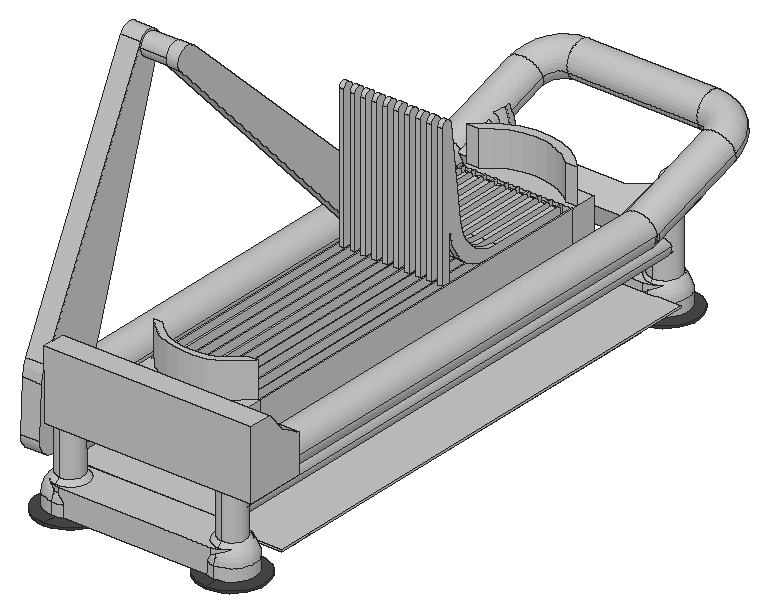
Revit family "QF_ELECTROLUXPROFESSIONAL_601157_CT6", category Attrezzature speciali, Revit 2020
Family settings
  Quota connettore circolare = Usa diametro
  Tipo di parte = Normale
  Basato su piano di lavoro = No
  Sempre verticale = Sì
  Taglio con vuoti quando caricato = No
  Condiviso = No
  Punto di calcolo locali = No
Parameters (values of type "Standard")
  Weight = 3.00 kg
  Watts = 0 W
  Volts = 0 V
  URL Manufacturer = "https://www.electroluxprofessional.com/"
  URL = "https://www.electroluxprofessional.com/"
  Steam Supply Size = 0 mm
  Steam Supply Minimum Pressure = 0.0 Pa
  Steam Supply Maximum Pressure = 0.0 Pa
  Steam Consumption per Hour = 0
  Show Clearance [instance] = yes
  Refrigeration Suction Line Size = 0 mm
  Refrigeration Liquid Line Size = 0 mm
  Refrigerant Compressor Remote = yes
  Prospetto di default = 0 mm
  Produttore = "Electrolux Professional"
  Phase = 0
  Modello = "CT6"
  Length Actual = 145 mm  # constant formula
  Item Number = "601157"
  Hot Water Size = 0 mm
  Height Actual = 240 mm  # constant formula
  HP = "0 HP"
  Gas Size = 0 mm
  Gas KW = 0
  Gas Input Pressure = 0 W
  Direct Waste Size = 0 mm
  Descrizione = "TOMATO SLICER 6MM+CUTTING BLOCK"
  Depth Actual = 427 mm  # constant formula
  Cycle = 0 Hz
  Condensate Return Size = 0 mm
  Compressed Air Volume = 0.0 L/s
  Compressed Air Size = 0 mm
  Compressed Air Pressure = 0.0 Pa
  Cold Water Size = 0 mm
  Accessory = yes
Reference planes
  plane 1 "Center (Front/Back)": y = 0
  plane 2: z = 0
  plane 3 "Center (Left/Right)": x = 0
  plane 4 "FRONT": y = -427
  plane 5 "LEFT": x = -72.5
  plane 6 "RIGHT": x = 72.5
  plane 7: x = 0
  plane 8: z = 240
  plane 9: y = -7.096
Forms (mm)
  Sweep 1, solid, material "QF_Finishes_Stainless Steel"
    path origin (2, 0, 62.5) x (1, 0, 0) y (0, 1, 0)
      loop
        line (-62.5, -91.422) -> (-62.5, -379.445)
    profile origin (-60.5, -235.434, 62.5) x (1, 0, 0) y (0, 0, 1)
      loop
        circle (-1, 0) r 11
  Sweep 2, solid, material "QF_Finishes_Stainless Steel"
    path origin (-2, 0, 62.5) x (-1, 0, 0) y (0, -1, 0)
      loop
        line (-62.5, 91.422) -> (-62.5, 379.445)
    profile origin (60.5, -235.434, 62.5) x (1, 0, 0) y (0, 0, 1)
      loop
        circle (1, 0) r 11
  Sweep 3, solid, material "QF_Finishes_Stainless Steel"
    path origin (0, -7.511, 89.42) x (1, 0, 0) y (0, 0.953938, 0.300003)
      loop
        line (-61.5, -91.422) -> (-61.5, -24)
        arc (-61.5, -24) -> (-55.642, -9.858) -> (-41.5, -4) r 20
        line (-41.5, -4) -> (41.5, -4)
        arc (41.5, -4) -> (55.642, -9.858) -> (61.5, -24) r 20
        line (61.5, -24) -> (61.5, -91.422)
    profile origin (-61.5, -62.564, 72.107) x (-1, 0, 0) y (0, -0.300003, 0.953938)
      loop
        circle (0, 0) r 11
  Extrusion 4, solid, material "QF_Finishes_Stainless Steel"
    sketch origin (0, -396.692, -97.064) x (-1, 0, 0) y (0, -0.955429, -0.29522)
      loop
        line (-52.2, -335.732) -> (-52.2, -361.975) -> (-39.846, -355.798) -> (40.154, -355.798) -> (51.818, -361.63) -> (51.818, -335.732) -> (-52.2, -335.732)
    from 55.543 to 69.371
  Extrusion 5, solid, material "QF_Finishes_Stainless Steel"
    sketch origin (0, -25.001, 21.974) x (0, 1, 0) y (0, 0, 1)
      loop
        line (-392.032, 29.526) -> (-354.445, 29.526) -> (-354.445, 54.468) -> (-367.435, 61.968) -> (-377.531, 73.583) -> (-392.032, 73.583) -> (-392.032, 29.526)
    from -59.919 to 72.5
  Extrusion 6, solid, material "QF_Finishes_Stainless Steel"
    sketch origin (0, 0, 0) x (1, 0, 0) y (0, 1, 0)
      loop
        line (-35.004, -379.446) -> (34.996, -379.446) -> (34.996, -362.867) -> (-35.004, -362.867) -> (-35.004, -379.446)
    from 51.5 to 74.145
  Extrusion 7, solid, material "QF_Finishes_Stainless Steel"
    sketch origin (-0.004, -476.322, 0) x (-1, 0, 0) y (0, -1, 0)
      loop
        line (-35.004, -379.446) -> (34.996, -379.446) -> (34.996, -362.867) -> (-35.004, -362.867) -> (-35.004, -379.446)
    from 51.5 to 74.145
  Extrusion 8, solid, material "QF_Finishes_Stainless Steel"
    sketch origin (0.004, 0, 0) x (1, 0, 0) y (0, 1, 0)
      loop
        arc (-33.344, -362.867) -> (-0.004, -379.446) -> (33.335, -362.867) r 41.812
        line (33.335, -362.867) -> (27.858, -362.867)
        arc (27.858, -362.867) -> (-0.004, -375.653) -> (-27.867, -362.867) r 36.75
        line (-27.867, -362.867) -> (-33.344, -362.867)
    from 74.145 to 96.5
  Extrusion 9, solid, material "QF_Finishes_Stainless Steel"
    sketch origin (-0.004, -473.094, 0) x (-1, 0, 0) y (0, -1, 0)
      loop
        line (34.996, -362.867) -> (27.858, -362.867)
        arc (27.858, -362.867) -> (-0.004, -373.857) -> (-27.867, -362.867) r 40.814
        line (-27.867, -362.867) -> (-35.004, -362.867)
        arc (-35.004, -362.867) -> (-0.004, -379.71) -> (34.996, -362.867) r 44.786
    from 74.145 to 96.5
  Extrusion 10, solid, material "QF_Finishes_Stainless Steel"
    sketch origin (0, 0, 0) x (0, 1, 0) y (0, 0, 1)
      loop
        line (-121.232, 73.441) -> (-121.232, 75.934)
        arc (-121.232, 75.934) -> (-121.967, 77.707) -> (-123.74, 78.441) r 2.507
        line (-123.74, 78.441) -> (-171.343, 78.441)
        arc (-171.343, 78.441) -> (-191.221, 85.973) -> (-201.119, 104.785) r 30
        line (-201.119, 104.785) -> (-208.389, 163.992)
        arc (-208.389, 163.992) -> (-211.76, 166.796) -> (-214.765, 163.602) r 3.2
        line (-214.765, 163.602) -> (-214.765, 73.441) -> (-209.765, 73.441) -> (-209.765, 102.206)
        arc (-209.765, 102.206) -> (-209.407, 102.587) -> (-209.005, 102.253) r 0.381
        line (-209.005, 102.253) -> (-208.702, 99.785)
        arc (-208.702, 99.785) -> (-198.804, 80.973) -> (-178.926, 73.441) r 30
        line (-178.926, 73.441) -> (-121.232, 73.441)
    from -33 to -30
  Extrusion 11, solid, material "QF_Finishes_Stainless Steel"
    sketch origin (6.977, 0, 0) x (0, 1, 0) y (0, 0, 1)
      loop
        line (-121.232, 73.441) -> (-121.232, 75.934)
        arc (-121.232, 75.934) -> (-121.967, 77.707) -> (-123.74, 78.441) r 2.507
        line (-123.74, 78.441) -> (-171.343, 78.441)
        arc (-171.343, 78.441) -> (-191.221, 85.973) -> (-201.119, 104.785) r 30
        line (-201.119, 104.785) -> (-208.389, 163.992)
        arc (-208.389, 163.992) -> (-211.76, 166.796) -> (-214.765, 163.602) r 3.2
        line (-214.765, 163.602) -> (-214.765, 73.441) -> (-209.765, 73.441) -> (-209.765, 102.206)
        arc (-209.765, 102.206) -> (-209.407, 102.587) -> (-209.005, 102.253) r 0.381
        line (-209.005, 102.253) -> (-208.702, 99.785)
        arc (-208.702, 99.785) -> (-198.804, 80.973) -> (-178.926, 73.441) r 30
        line (-178.926, 73.441) -> (-121.232, 73.441)
    from -33 to -30
  Extrusion 12, solid, material "QF_Finishes_Stainless Steel"
    sketch origin (21, 0, 0) x (0, 1, 0) y (0, 0, 1)
      loop
        line (-121.232, 73.441) -> (-121.232, 75.934)
        arc (-121.232, 75.934) -> (-121.967, 77.707) -> (-123.74, 78.441) r 2.507
        line (-123.74, 78.441) -> (-171.343, 78.441)
        arc (-171.343, 78.441) -> (-191.221, 85.973) -> (-201.119, 104.785) r 30
        line (-201.119, 104.785) -> (-208.389, 163.992)
        arc (-208.389, 163.992) -> (-211.76, 166.796) -> (-214.765, 163.602) r 3.2
        line (-214.765, 163.602) -> (-214.765, 73.441) -> (-209.765, 73.441) -> (-209.765, 102.206)
        arc (-209.765, 102.206) -> (-209.407, 102.587) -> (-209.005, 102.253) r 0.381
        line (-209.005, 102.253) -> (-208.702, 99.785)
        arc (-208.702, 99.785) -> (-198.804, 80.973) -> (-178.926, 73.441) r 30
        line (-178.926, 73.441) -> (-121.232, 73.441)
    from -33 to -30
  Extrusion 13, solid, material "QF_Finishes_Stainless Steel"
    sketch origin (13.977, 0, 0) x (0, 1, 0) y (0, 0, 1)
      loop
        line (-121.232, 73.441) -> (-121.232, 75.934)
        arc (-121.232, 75.934) -> (-121.967, 77.707) -> (-123.74, 78.441) r 2.507
        line (-123.74, 78.441) -> (-171.343, 78.441)
        arc (-171.343, 78.441) -> (-191.221, 85.973) -> (-201.119, 104.785) r 30
        line (-201.119, 104.785) -> (-208.389, 163.992)
        arc (-208.389, 163.992) -> (-211.76, 166.796) -> (-214.765, 163.602) r 3.2
        line (-214.765, 163.602) -> (-214.765, 73.441) -> (-209.765, 73.441) -> (-209.765, 102.206)
        arc (-209.765, 102.206) -> (-209.407, 102.587) -> (-209.005, 102.253) r 0.381
        line (-209.005, 102.253) -> (-208.702, 99.785)
        arc (-208.702, 99.785) -> (-198.804, 80.973) -> (-178.926, 73.441) r 30
        line (-178.926, 73.441) -> (-121.232, 73.441)
    from -33 to -30
  Extrusion 14, solid, material "QF_Finishes_Stainless Steel"
    sketch origin (0, 0, 0) x (0, 1, 0) y (0, 0, -1)
      loop
        line (-121.232, -73.441) -> (-178.926, -73.441)
        arc (-178.926, -73.441) -> (-198.804, -80.973) -> (-208.702, -99.785) r 30
        line (-208.702, -99.785) -> (-209.005, -102.253)
        arc (-209.005, -102.253) -> (-209.407, -102.587) -> (-209.765, -102.206) r 0.381
        line (-209.765, -102.206) -> (-209.765, -73.441) -> (-214.765, -73.441) -> (-214.765, -163.602)
        arc (-214.765, -163.602) -> (-211.76, -166.796) -> (-208.389, -163.992) r 3.2
        line (-208.389, -163.992) -> (-201.119, -104.785)
        arc (-201.119, -104.785) -> (-191.221, -85.973) -> (-171.343, -78.441) r 30
        line (-171.343, -78.441) -> (-123.74, -78.441)
        arc (-123.74, -78.441) -> (-121.967, -77.707) -> (-121.232, -75.934) r 2.507
        line (-121.232, -75.934) -> (-121.232, -73.441)
    from -33 to -30
  Extrusion 15, solid, material "QF_Finishes_Stainless Steel"
    sketch origin (-6.977, 0, 0) x (0, 1, 0) y (0, 0, -1)
      loop
        line (-121.232, -73.441) -> (-178.926, -73.441)
        arc (-178.926, -73.441) -> (-198.804, -80.973) -> (-208.702, -99.785) r 30
        line (-208.702, -99.785) -> (-209.005, -102.253)
        arc (-209.005, -102.253) -> (-209.407, -102.587) -> (-209.765, -102.206) r 0.381
        line (-209.765, -102.206) -> (-209.765, -73.441) -> (-214.765, -73.441) -> (-214.765, -163.602)
        arc (-214.765, -163.602) -> (-211.76, -166.796) -> (-208.389, -163.992) r 3.2
        line (-208.389, -163.992) -> (-201.119, -104.785)
        arc (-201.119, -104.785) -> (-191.221, -85.973) -> (-171.343, -78.441) r 30
        line (-171.343, -78.441) -> (-123.74, -78.441)
        arc (-123.74, -78.441) -> (-121.967, -77.707) -> (-121.232, -75.934) r 2.507
        line (-121.232, -75.934) -> (-121.232, -73.441)
    from -33 to -30
  Extrusion 16, solid, material "QF_Finishes_Stainless Steel"
    sketch origin (-21, 0, 0) x (0, 1, 0) y (0, 0, -1)
      loop
        line (-121.232, -73.441) -> (-178.926, -73.441)
        arc (-178.926, -73.441) -> (-198.804, -80.973) -> (-208.702, -99.785) r 30
        line (-208.702, -99.785) -> (-209.005, -102.253)
        arc (-209.005, -102.253) -> (-209.407, -102.587) -> (-209.765, -102.206) r 0.381
        line (-209.765, -102.206) -> (-209.765, -73.441) -> (-214.765, -73.441) -> (-214.765, -163.602)
        arc (-214.765, -163.602) -> (-211.76, -166.796) -> (-208.389, -163.992) r 3.2
        line (-208.389, -163.992) -> (-201.119, -104.785)
        arc (-201.119, -104.785) -> (-191.221, -85.973) -> (-171.343, -78.441) r 30
        line (-171.343, -78.441) -> (-123.74, -78.441)
        arc (-123.74, -78.441) -> (-121.967, -77.707) -> (-121.232, -75.934) r 2.507
        line (-121.232, -75.934) -> (-121.232, -73.441)
    from -33 to -30
  Extrusion 17, solid, material "QF_Finishes_Stainless Steel"
    sketch origin (-13.977, 0, 0) x (0, 1, 0) y (0, 0, -1)
      loop
        line (-121.232, -73.441) -> (-178.926, -73.441)
        arc (-178.926, -73.441) -> (-198.804, -80.973) -> (-208.702, -99.785) r 30
        line (-208.702, -99.785) -> (-209.005, -102.253)
        arc (-209.005, -102.253) -> (-209.407, -102.587) -> (-209.765, -102.206) r 0.381
        line (-209.765, -102.206) -> (-209.765, -73.441) -> (-214.765, -73.441) -> (-214.765, -163.602)
        arc (-214.765, -163.602) -> (-211.76, -166.796) -> (-208.389, -163.992) r 3.2
        line (-208.389, -163.992) -> (-201.119, -104.785)
        arc (-201.119, -104.785) -> (-191.221, -85.973) -> (-171.343, -78.441) r 30
        line (-171.343, -78.441) -> (-123.74, -78.441)
        arc (-123.74, -78.441) -> (-121.967, -77.707) -> (-121.232, -75.934) r 2.507
        line (-121.232, -75.934) -> (-121.232, -73.441)
    from -33 to -30
  Extrusion 18, solid, material "QF_Finishes_Stainless Steel"
    sketch origin (28, 0, 0) x (0, 1, 0) y (0, 0, 1)
      loop
        line (-121.232, 73.441) -> (-121.232, 75.934)
        arc (-121.232, 75.934) -> (-121.967, 77.707) -> (-123.74, 78.441) r 2.507
        line (-123.74, 78.441) -> (-171.343, 78.441)
        arc (-171.343, 78.441) -> (-191.221, 85.973) -> (-201.119, 104.785) r 30
        line (-201.119, 104.785) -> (-208.389, 163.992)
        arc (-208.389, 163.992) -> (-211.76, 166.796) -> (-214.765, 163.602) r 3.2
        line (-214.765, 163.602) -> (-214.765, 73.441) -> (-209.765, 73.441) -> (-209.765, 102.206)
        arc (-209.765, 102.206) -> (-209.407, 102.587) -> (-209.005, 102.253) r 0.381
        line (-209.005, 102.253) -> (-208.702, 99.785)
        arc (-208.702, 99.785) -> (-198.804, 80.973) -> (-178.926, 73.441) r 30
        line (-178.926, 73.441) -> (-121.232, 73.441)
    from -33 to -30
  Extrusion 19, solid, material "QF_Finishes_Stainless Steel"
    sketch origin (35, 0, 0) x (0, 1, 0) y (0, 0, 1)
      loop
        line (-121.232, 73.441) -> (-121.232, 75.934)
        arc (-121.232, 75.934) -> (-121.967, 77.707) -> (-123.74, 78.441) r 2.507
        line (-123.74, 78.441) -> (-171.343, 78.441)
        arc (-171.343, 78.441) -> (-191.221, 85.973) -> (-201.119, 104.785) r 30
        line (-201.119, 104.785) -> (-208.389, 163.992)
        arc (-208.389, 163.992) -> (-211.76, 166.796) -> (-214.765, 163.602) r 3.2
        line (-214.765, 163.602) -> (-214.765, 73.441) -> (-209.765, 73.441) -> (-209.765, 102.206)
        arc (-209.765, 102.206) -> (-209.407, 102.587) -> (-209.005, 102.253) r 0.381
        line (-209.005, 102.253) -> (-208.702, 99.785)
        arc (-208.702, 99.785) -> (-198.804, 80.973) -> (-178.926, 73.441) r 30
        line (-178.926, 73.441) -> (-121.232, 73.441)
    from -33 to -30
  Extrusion 20, solid, material "QF_Finishes_Stainless Steel"
    sketch origin (0, 0, 0) x (1, 0, 0) y (0, 1, 0)
      loop
        line (-35, -113.455) -> (-35, -362.867) -> (-34.18, -362.867) -> (-34.18, -113.455) -> (-35, -113.455)
    from 51.5 to 74.145
  Extrusion 21, solid, material "QF_Finishes_Stainless Steel"
    sketch origin (6.687, 0, 0) x (1, 0, 0) y (0, 1, 0)
      loop
        line (-35, -113.455) -> (-35, -362.867) -> (-34.18, -362.867) -> (-34.18, -113.455) -> (-35, -113.455)
    from 51.5 to 74.145
  Extrusion 22, solid, material "QF_Finishes_Stainless Steel"
    sketch origin (13.687, 0, 0) x (1, 0, 0) y (0, 1, 0)
      loop
        line (-35, -113.455) -> (-35, -362.867) -> (-34.18, -362.867) -> (-34.18, -113.455) -> (-35, -113.455)
    from 51.5 to 74.145
  Extrusion 23, solid, material "QF_Finishes_Stainless Steel"
    sketch origin (20.687, 0, 0) x (1, 0, 0) y (0, 1, 0)
      loop
        line (-35, -113.455) -> (-35, -362.867) -> (-34.18, -362.867) -> (-34.18, -113.455) -> (-35, -113.455)
    from 51.5 to 74.145
  Extrusion 24, solid, material "QF_Finishes_Stainless Steel"
    sketch origin (27.687, 0, 0) x (1, 0, 0) y (0, 1, 0)
      loop
        line (-35, -113.455) -> (-35, -362.867) -> (-34.18, -362.867) -> (-34.18, -113.455) -> (-35, -113.455)
    from 51.5 to 74.145
  Extrusion 25, solid, material "QF_Finishes_Stainless Steel"
    sketch origin (0, 0, 0) x (-1, 0, 0) y (0, -1, 0)
      loop
        line (-35, 113.455) -> (-34.18, 113.455) -> (-34.18, 362.867) -> (-35, 362.867) -> (-35, 113.455)
    from 51.5 to 74.145
  Extrusion 26, solid, material "QF_Finishes_Stainless Steel"
    sketch origin (-6.688, 0, 0) x (-1, 0, 0) y (0, -1, 0)
      loop
        line (-35, 113.455) -> (-34.18, 113.455) -> (-34.18, 362.867) -> (-35, 362.867) -> (-35, 113.455)
    from 51.5 to 74.145
  Extrusion 27, solid, material "QF_Finishes_Stainless Steel"
    sketch origin (-13.688, 0, 0) x (-1, 0, 0) y (0, -1, 0)
      loop
        line (-35, 113.455) -> (-34.18, 113.455) -> (-34.18, 362.867) -> (-35, 362.867) -> (-35, 113.455)
    from 51.5 to 74.145
  Extrusion 28, solid, material "QF_Finishes_Stainless Steel"
    sketch origin (-20.688, 0, 0) x (-1, 0, 0) y (0, -1, 0)
      loop
        line (-35, 113.455) -> (-34.18, 113.455) -> (-34.18, 362.867) -> (-35, 362.867) -> (-35, 113.455)
    from 51.5 to 74.145
  Extrusion 29, solid, material "QF_Finishes_Stainless Steel"
    sketch origin (-27.688, 0, 0) x (-1, 0, 0) y (0, -1, 0)
      loop
        line (-35, 113.455) -> (-34.18, 113.455) -> (-34.18, 362.867) -> (-35, 362.867) -> (-35, 113.455)
    from 51.5 to 74.145
  Extrusion 30, solid, material "QF_Finishes_Stainless Steel"
    sketch origin (-34.594, 0, 0) x (-1, 0, 0) y (0, -1, 0)
      loop
        line (-35, 113.455) -> (-34.18, 113.455) -> (-34.18, 362.867) -> (-35, 362.867) -> (-35, 113.455)
    from 51.5 to 74.145
  Revolve 31, solid, material "QF_Finishes_Black"
    sketch origin (-51.733, 0, 0) x (0, 1, 0) y (0, 0, 1)
      loop
        line (-52.308, 3.139) -> (-60.849, 3.139) -> (-60.849, 0) -> (-40.083, 0) -> (-40.083, 1.365) -> (-52.308, 1.365) -> (-52.308, 3.139)
      axis (-60.849, 0) -> (-60.849, 3.139)
    angle from 0 to 360
  Revolve 32, solid, material "QF_Finishes_Stainless Steel"
    sketch origin (-51.77, -345.384, 0) x (0, 1, 0) y (0, 0, 1)
      loop
        line (-60.849, 54.602) -> (-60.849, 3.139) -> (-46.405, 3.139) -> (-46.405, 10.725)
        arc (-46.405, 10.725) -> (-48.073, 17.147) -> (-52.657, 21.944) r 13.191
        line (-52.657, 21.944) -> (-52.657, 54.602) -> (-60.849, 54.602)
      axis (-60.849, 3.139) -> (-60.849, 54.602)
    angle from 0 to 360
  Revolve 33, solid, material "QF_Finishes_Black"
    sketch origin (-51.733, -345.384, 0) x (0, 1, 0) y (0, 0, 1)
      loop
        line (-52.308, 3.139) -> (-60.849, 3.139) -> (-60.849, 0) -> (-40.083, 0) -> (-40.083, 1.365) -> (-52.308, 1.365) -> (-52.308, 3.139)
      axis (-60.849, 0) -> (-60.849, 3.139)
    angle from 0 to 360
  Revolve 34, solid, material "QF_Finishes_Stainless Steel"
    sketch origin (51.77, -345.384, 0) x (0, 1, 0) y (0, 0, -1)
      loop
        line (-60.849, -54.486) -> (-52.657, -54.486) -> (-52.657, -21.944)
        arc (-52.657, -21.944) -> (-48.073, -17.147) -> (-46.405, -10.725) r 13.191
        line (-46.405, -10.725) -> (-46.405, -3.139) -> (-60.849, -3.139) -> (-60.849, -54.486)
      axis (-60.849, -3.139) -> (-60.849, -54.486)
    angle from 0 to 360
  Revolve 35, solid, material "QF_Finishes_Black"
    sketch origin (51.733, -345.384, 0) x (0, 1, 0) y (0, 0, -1)
      loop
        line (-52.308, -3.139) -> (-52.308, -1.365) -> (-40.083, -1.365) -> (-40.083, 0) -> (-60.849, 0) -> (-60.849, -3.139) -> (-52.308, -3.139)
      axis (-60.849, 0) -> (-60.849, -3.139)
    angle from 0 to 360
  Revolve 36, solid, material "QF_Finishes_Stainless Steel"
    sketch origin (51.785, 0, 0) x (0, 1, 0) y (0, 0, -1)
      loop
        line (-60.849, -56.5) -> (-51.405, -56.5) -> (-51.405, -21.065)
        arc (-51.405, -21.065) -> (-47.72, -16.468) -> (-46.405, -10.725) r 13.191
        line (-46.405, -10.725) -> (-46.405, -3.139) -> (-60.849, -3.139) -> (-60.849, -56.5)
      axis (-60.849, -3.139) -> (-60.849, -56.5)
    angle from 0 to 360
  Revolve 37, solid, material "QF_Finishes_Black"
    sketch origin (51.733, 0, 0) x (0, 1, 0) y (0, 0, -1)
      loop
        line (-52.308, -3.139) -> (-52.308, -1.365) -> (-40.083, -1.365) -> (-40.083, 0) -> (-60.849, 0) -> (-60.849, -3.139) -> (-52.308, -3.139)
      axis (-60.849, 0) -> (-60.849, -3.139)
    angle from 0 to 360
  SweptBlend 38, solid, material "QF_Finishes_Stainless Steel"
    path origin (0, -60, 0) x (-1, 0, 0) y (0, 0, 1)
      loop
        line (49.809, 50.794) -> (61.5, 73.5)
    profile origin (-49.809, -60, 50.794) x (0.889076, 0, 0.457759) y (0, 1, 0)
      loop
        circle (0, 0) r 7
    end profile origin (-61.5, -60, 73.5) x (0.889076, 0, 0.457759) y (0, 1, 0)
      loop
        circle (0, 0) r 12
  SweptBlend 39, solid, material "QF_Finishes_Stainless Steel"
    path origin (0, -60, 0) x (1, 0, 0) y (0, 0, -1)
      loop
        line (49.809, -50.794) -> (61.5, -73.5)
    profile origin (49.809, -60, 50.794) x (0.889076, 0, -0.457759) y (0, 1, 0)
      loop
        circle (0, 0) r 7
    end profile origin (61.5, -60, 73.5) x (0.889076, 0, -0.457759) y (0, 1, 0)
      loop
        circle (0, 0) r 12
  Revolve 40, solid, material "QF_Finishes_Stainless Steel"
    sketch origin (-51.785, 0, 0) x (0, 1, 0) y (0, 0, 1)
      loop
        line (-60.849, 56.5) -> (-60.849, 3.139) -> (-46.405, 3.139) -> (-46.405, 10.725)
        arc (-46.405, 10.725) -> (-47.72, 16.468) -> (-51.405, 21.065) r 13.191
        line (-51.405, 21.065) -> (-51.405, 56.5) -> (-60.849, 56.5)
      axis (-60.849, 3.139) -> (-60.849, 56.5)
    angle from 0 to 360
  Extrusion 41, solid, material "QF_Finishes_Stainless Steel"
    sketch origin (0, 0, 0) x (1, 0, 0) y (0, 1, 0)
      loop
        arc (-48.362, -47.614) -> (-57.555, -51.422) -> (-61.362, -60.614) r 13
        line (-61.362, -60.614) -> (-61.362, -61.466)
        arc (-61.362, -61.466) -> (-57.555, -70.658) -> (-48.362, -74.466) r 13
        line (-48.362, -74.466) -> (48.362, -74.466)
        arc (48.362, -74.466) -> (57.555, -70.658) -> (61.362, -61.466) r 13
        line (61.362, -61.466) -> (61.362, -60.614)
        arc (61.362, -60.614) -> (57.555, -51.422) -> (48.362, -47.614) r 13
        line (48.362, -47.614) -> (-48.362, -47.614)
    from 3.139 to 19.349
  Extrusion 42, solid, material "QF_Finishes_Stainless Steel"
    sketch origin (0, -345, 0) x (1, 0, 0) y (0, 1, 0)
      loop
        arc (-48.362, -47.614) -> (-57.555, -51.422) -> (-61.362, -60.614) r 13
        line (-61.362, -60.614) -> (-61.362, -61.466)
        arc (-61.362, -61.466) -> (-57.555, -70.658) -> (-48.362, -74.466) r 13
        line (-48.362, -74.466) -> (48.362, -74.466)
        arc (48.362, -74.466) -> (57.555, -70.658) -> (61.362, -61.466) r 13
        line (61.362, -61.466) -> (61.362, -60.614)
        arc (61.362, -60.614) -> (57.555, -51.422) -> (48.362, -47.614) r 13
        line (48.362, -47.614) -> (-48.362, -47.614)
    from 3.139 to 19.349
  SweptBlend 43, solid, material "QF_Finishes_Stainless Steel"
    path origin (0, 0, 0) x (0, 1, 0) y (0, 0, 1)
      loop
        line (-219.765, 0) -> (-219.765, 13.338)
    profile origin (0, -219.765, 0) x (0, -1, 0) y (1, 0, 0)
      loop
        arc (-113.362, -52.5) -> (-111.898, -56.036) -> (-108.362, -57.5) r 5
        line (-108.362, -57.5) -> (144.68, -57.5)
        arc (144.68, -57.5) -> (148.215, -56.036) -> (149.68, -52.5) r 5
        line (149.68, -52.5) -> (149.68, 52.5)
        arc (149.68, 52.5) -> (148.215, 56.036) -> (144.68, 57.5) r 5
        line (144.68, 57.5) -> (-108.362, 57.5)
        arc (-108.362, 57.5) -> (-111.898, 56.036) -> (-113.362, 52.5) r 5
        line (-113.362, 52.5) -> (-113.362, -52.5)
    end profile origin (0, -219.765, 13.338) x (0, -1, 0) y (1, 0, 0)
      loop
        arc (-128.362, -57.5) -> (-123.969, -68.107) -> (-113.362, -72.5) r 15
        line (-113.362, -72.5) -> (149.681, -72.5)
        arc (149.681, -72.5) -> (160.287, -68.107) -> (164.681, -57.5) r 15
        line (164.681, -57.5) -> (164.681, 57.5)
        arc (164.681, 57.5) -> (160.287, 68.107) -> (149.681, 72.5) r 15
        line (149.681, 72.5) -> (-113.362, 72.5)
        arc (-113.362, 72.5) -> (-123.969, 68.107) -> (-128.362, 57.5) r 15
        line (-128.362, 57.5) -> (-128.362, -57.5)
  Sweep 44, solid, material "QF_Finishes_Stainless Steel"
    path origin (0, 0, 0) x (0, 1, 0) y (0, 0, 1)
      loop
        line (-61.45, 39.678) -> (-406.45, 39.678)
    profile origin (0, -233.95, 39.678) x (0, 0, -1) y (1, 0, 0)
      loop
        circle (0, -51.818) r 8
  Sweep 45, solid, material "QF_Finishes_Stainless Steel"
    path origin (0, 0, 0) x (0, 1, 0) y (0, 0, -1)
      loop
        line (-61.45, -39.678) -> (-406.45, -39.678)
    profile origin (0, -233.95, 39.678) x (0, 0, 1) y (-1, 0, 0)
      loop
        circle (0, -51.818) r 8
  Extrusion 46, solid, material "QF_Finishes_Stainless Steel"
    sketch origin (0, 0, 0) x (0, 1, 0) y (0, 0, 1)
      loop
        arc (-325.621, 229.665) -> (-330.082, 239.293) -> (-340.016, 235.564) r 7.8
        line (-340.016, 235.564) -> (-415.831, 83.97)
        arc (-415.831, 83.97) -> (-417.644, 79.168) -> (-418.438, 74.096) r 25
        line (-418.438, 74.096) -> (-420.134, 41.732)
        arc (-420.134, 41.732) -> (-413.65, 31.842) -> (-402.267, 35.052) r 10
        line (-402.267, 35.052) -> (-385.819, 56.106)
        arc (-385.819, 56.106) -> (-380.123, 64.877) -> (-376.036, 74.504) r 60
        line (-376.036, 74.504) -> (-325.621, 229.665)
    from -72.5 to -59.919
  Extrusion 47, solid, material "QF_Finishes_Stainless Steel"
    sketch origin (0, 0, 0) x (0, 1, 0) y (0, 0, 1)
      loop
        line (-338.931, 226.716) -> (-175.92, 51.907)
        arc (-175.92, 51.907) -> (-166.724, 48.099) -> (-157.817, 52.54) r 12
        line (-157.817, 52.54) -> (-155.963, 54.394)
        arc (-155.963, 54.394) -> (-152.597, 62.939) -> (-156.26, 71.362) r 12
        line (-156.26, 71.362) -> (-328.127, 237.332)
        arc (-328.127, 237.332) -> (-338.7, 237.286) -> (-338.931, 226.716) r 7.576
    from -42.524 to -35
  Sweep 48, solid, material "QF_Finishes_Stainless Steel"
    path origin (-121.368, -281.421, 192.371) x (-1, 0, 0) y (0, 0, 1)
      loop
        line (-61.45, 39.678) -> (-78.845, 39.678)
    profile origin (-51.221, -281.421, 232.049) x (0, 0, -1) y (0, 1, 0)
      loop
        circle (0, -51.818) r 7
  Extrusion 49, solid, material "QF_Finishes_Stainless Steel"
    sketch origin (0, 0, 0) x (0, 1, 0) y (0, 0, 1)
      loop
        line (-392.614, 13.338) -> (-74.466, 13.338) -> (-74.466, 14.338) -> (-392.614, 14.338) -> (-392.614, 13.338)
    from -72.5 to 72.5
Dimensions and locks
  plane 6 "RIGHT" to plane 5 "LEFT" = 145 mm
  plane 5 "LEFT" to plane 6 "RIGHT" = 145 mm
  plane 8 to level = 240 mm
  level to plane 8 = 240 mm
  plane 1 "Center (Front/Back)" to plane 4 "FRONT" = 427 mm
  plane 4 "FRONT" to plane 1 "Center (Front/Back)" = 427 mm
  aligned and locked: level to plane 2
